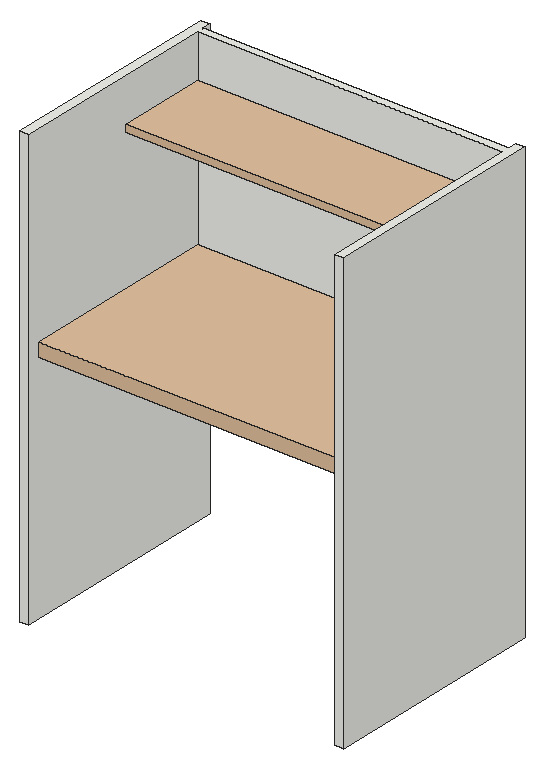
Revit family "2964d40c092c4a458e19500ffb2751dc", category Specialty Equipment, Revit 2021
Family settings
  Round Connector Dimension = Use Diameter
  Part Type = Normal
  OmniClass Number = 23.40.50.27.21.17
  OmniClass Title = Study Carrels
  Seek Item ID = Single Carrel-0000-USA-ENU
  Work Plane-Based = No
  Always vertical = Yes
  Cut with Voids When Loaded = No
  Shared = No
  Room Calculation Point = No
Parameters (values of type "Single Carrel")
  Default Elevation = 0' - 0"
  Assembly Code = "E1020200"
  Carrel Material = Laminate, Ivory, Matte
  Desktop/Shelf Material = Cherry
  Width = 2' - 11 3/4"
Reference planes (in)
  plane 1 "Center (Front/Back)": y = 0
  plane 2: z = 0
  plane 3 "Center (Left/Right)": x = 0
  plane 4: x = -16.875
  plane 5: x = 16.875
  plane 6: y = -24
  plane 7: x = 17.875
  plane 8: x = -17.875
  plane 9: y = 1
  plane 10 "Counter Top": z = 27.5
  plane 11 "Shelf": z = 43.75
  plane 12 "Top": z = 48.5
Forms (in)
  Extrusion 1, solid, material "Laminate, Ivory, Matte" <- "Carrel Material"
    sketch origin (0, 0, 0) x (1, 0, 0) y (0, 1, 0)
      loop
        line (-16.875, 0) -> (-16.875, 1) -> (-17.875, 1) -> (-17.875, -24) -> (-16.875, -24) -> (-16.875, -0.75) -> (16.875, -0.75) -> (16.875, -24) -> (17.875, -24) -> (17.875, 1) -> (16.875, 1) -> (16.875, 0) -> (-16.875, 0)
    from 0 to 48.5
  Extrusion 2, solid, material "Cherry" <- "Desktop/Shelf Material"
    sketch origin (0, 0, 0) x (1, 0, 0) y (0, 1, 0)
      loop
        line (-16.875, -0.75) -> (-16.875, -22.75) -> (16.875, -22.75) -> (16.875, -0.75) -> (-16.875, -0.75)
    from 26 to 27.5
  Extrusion 3, void
    sketch origin (-16.875, -0.75, 48.5) x (0, 0, -1) y (1, 0, 0)
      loop
        line (48.5, 0) -> (48.5, 33.75) -> (30.5, 33.75) -> (30.5, 0) -> (48.5, 0)
    from -2 to 2
  Extrusion 4, solid, material "Cherry" <- "Desktop/Shelf Material"
    sketch origin (0, 0, 48.5) x (1, 0, 0) y (0, 1, 0)
      loop
        line (-16.875, -0.75) -> (-16.875, -10.75) -> (16.875, -10.75) -> (16.875, -0.75) -> (-16.875, -0.75)
    from -5.5 to -4.75
Cuts and joins
  Extrusion 3 cuts Extrusion 1
  Extrusion 3 cuts Extrusion 2
Lines and regions (in)
  Masking region 1
    outline origin (0, 0, 0) x (1, 0, 0) y (0, 1, 0)
      loop
        line (-17.875, 1) -> (-17.875, -24) -> (-16.875, -24) -> (-16.875, -0.75) -> (16.875, -0.75) -> (16.875, -24) -> (17.875, -24) -> (17.875, 1) -> (16.875, 1) -> (16.875, 0) -> (-16.875, 0) -> (-16.875, 1) -> (-17.875, 1)
  Masking region 2
    outline origin (0, 0, 27.5) x (0, 1, 0) y (-1, 0, 0)
      loop
        line (-0.75, 16.875) -> (-22.75, 16.875) -> (-22.75, -16.875) -> (-0.75, -16.875) -> (-0.75, 16.875)
  Masking region 3
    outline origin (0, 0, 43.75) x (0, 1, 0) y (-1, 0, 0)
      loop
        line (-0.75, 16.875) -> (-10.75, 16.875) -> (-10.75, -16.875) -> (-0.75, -16.875) -> (-0.75, 16.875)
Dimensions and locks (in)
  locked: plane 8 to plane 4 at 1
  locked: plane 5 to plane 7 at 1
  "Width": plane 8 to plane 7
  aligned and locked: plane 6 to Masking region 1 sketch curve  (x2)
  aligned and locked: Masking region 1 sketch curve to plane 7
  aligned and locked: plane 8 to Masking region 1 sketch curve
  aligned and locked: Masking region 1 sketch curve to plane 4  (x2)
  aligned and locked: plane 5 to Masking region 1 sketch curve  (x2)
  aligned and locked: Masking region 1 sketch curve to cut or joined group of Extrusion 1, Extrusion 3
  aligned and locked: Masking region 1 sketch curve to plane 1 "Center (Front/Back)"
  aligned and locked: Masking region 1 sketch curve to plane 9  (x2)
  aligned and locked: Masking region 2 sketch curve to plane 4
  aligned and locked: plane 5 to Masking region 2 sketch curve
  aligned and locked: Masking region 2 sketch curve to cut or joined group of Extrusion 1, Extrusion 3
  aligned and locked: Masking region 2 sketch curve to cut or joined group of Extrusion 2, Extrusion 3
  aligned and locked: Masking region 3 sketch curve to plane 4
  aligned and locked: Masking region 3 sketch curve to cut or joined group of Extrusion 1, Extrusion 3
  aligned and locked: plane 5 to Masking region 3 sketch curve
  aligned and locked: Masking region 3 sketch curve to Extrusion 4
Automatic sketch dimensions
  Extrusion 1 sketch curve to plane 8 = 0' - 0"
  Extrusion 1 sketch curve to plane 4 = 0' - 0"  (x2)
  Extrusion 1 sketch curve to plane 1 "Center (Front/Back)" = 0' - 0"
  Extrusion 1 sketch curve to plane 5 = 0' - 0"  (x2)
  Extrusion 1 sketch curve to plane 6 = 0' - 0"  (x2)
  Extrusion 1 sketch curve to plane 7 = 0' - 0"
  Extrusion 1 sketch curve to plane 9 = 0' - 0"  (x2)
  Extrusion 1 sketch curve to Extrusion 1 sketch curve = 0' - 0 3/4"
  Extrusion 2 sketch curve to plane 4 = 0' - 0"
  Extrusion 2 sketch curve to plane 5 = 0' - 0"
  Extrusion 2 sketch curve to plane 6 = 0' - 1 1/4"
  plane 1 "Center (Front/Back)" to Extrusion 2 sketch curve = 0' - 0 3/4"
  Extrusion 3 sketch curve to plane 5 = 0' - 0"
  Extrusion 3 sketch curve to plane 4 = 0' - 0"
  Extrusion 3 sketch curve to level = 0' - 0"
  level to Extrusion 3 sketch curve = 1' - 6"
  Extrusion 4 sketch curve to plane 4 = 0' - 0"
  Extrusion 4 sketch curve to plane 5 = 0' - 0"
  plane 1 "Center (Front/Back)" to Extrusion 4 sketch curve = 0' - 10 3/4"
  plane 1 "Center (Front/Back)" to Extrusion 4 sketch curve = 0' - 0 3/4"
